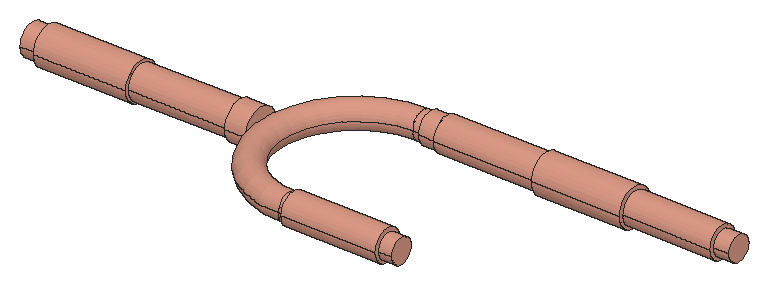
Revit family "outputfile", category 配管付属品, Revit 2024
Family settings
  丸型コネクタ寸法 = 半径を使用
  パーツ タイプ = 標準
  OmniClass 番号 = 23.65.55.00
  OmniClass タイトル = Distribution of Supplied Liquids/Gases
  作業面ベース = いいえ
  常に垂直 = はい
  ロード時にボイドで切り取り = いいえ
  共有 = いいえ
Parameters (values of type "KHRP24B33T")
  Description = ""
  製造元 = "Daikin"
  書き出し IFC クラス(タイプ) = "IfcPipeFittingType"
  定義済み IFC タイプ(タイプ) = "JUNCTION"
  Cost = 0
  Type Comments = ""
  Keynote = ""
  Type Image = (empty or 0)
  Assembly Code = ""
  switch_StraightPipe_Reducer [instance] = if(Is_StraightPipe Reducer = 1, 1 = 1, 1 = 0)  # no
  switch_StraightPipe4 [instance] = if(number_StraightPipe = 4, 1 = 1, 1 = 0)  # yes
  switch_StraightPipe1 [instance] = if(number_StraightPipe < 1, 1 = 0, 1 = 1)  # yes
  switch_Inlet pipe1 [instance] = if(number_InletPipe = 0, 1 = 0, 1 = 1)  # yes
  switch_BranchPipe1 [instance] = if(number_BranchPipe = 0, 1 = 0, 1 = 1)  # yes
  mm⇔inch [instance] = yes
  l_dividePipe2 [instance] = size_lookup(table_Inlet, "L_devidePipe2", 47.7 mm, モデル)  # 47.67 mm
  l_dividePipe0 = 5.53 mm
  l_StraightPipe4 [instance] = size_lookup(table_StraightPipe, "L_Pipe4", 7.7 mm, モデル)  # 7.7 mm
  l_InletPipe00 = 9.86 mm
  l_BranchPipe_Straight2 [instance] = size_lookup(table_BranchPipe, "L_offsetPipe2", 2.0 mm, モデル)  # 2.0 mm
  l_BranchPipe_Straight1 [instance] = size_lookup(table_BranchPipe, "L_offsetPipe1", 2.0 mm, モデル)  # 2.0 mm
  URL = ""
  I.D_StraightPipe4 [instance] = size_lookup(table_StraightPipe, "I.D_PipeSize4", 9.5 mm, モデル)  # 9.5 mm
  +++I.D_InletPipe000 [instance] = I.D_OutletPipe + 2.0 mm  # 12.7 mm
  I.D_InletPipe00 = 16.0 mm
  既定の高さ = 0.0 mm
  モデル = "KHRP24B33T"
  table_StraightPipe [instance] = if(mm⇔inch, "Refnet Joint_KHRP24B-T_HPLPGas_StraightPipe", "Refnet Joint_KHRP24B-T_HPLPGas_StraightPipe_inch")  # "Refnet Joint_KHRP24B-T_HPLPGas_StraightPipe"
  table_BranchPipe [instance] = if(mm⇔inch, "Refnet Joint_KHRP24B-T_HPLPGas_BranchPipe", "Refnet Joint_KHRP24B-T_HPLPGas_BranchPipe_inch")  # "Refnet Joint_KHRP24B-T_HPLPGas_BranchPipe"
  table_Inlet [instance] = if(mm⇔inch, "Refnet Joint_KHRP24B-T_HPLPGas_Inlet", "Refnet Joint_KHRP24B-T_HPLPGas_Inlet_inch")  # "Refnet Joint_KHRP24B-T_HPLPGas_Inlet"
  switch_StraightPipe3 [instance] = if(number_StraightPipe < 3, 1 = 0, 1 = 1)  # yes
  switch_StraightPipe2 [instance] = if(number_StraightPipe < 2, 1 = 0, 1 = 1)  # yes
  switch_BranchPipe_Reducer [instance] = if(Is_BranchPipe Reducer = 1, 1 = 1, 1 = 0)  # no
  switch_BranchPipe3 [instance] = if(number_BranchPipe = 3, 1 = 1, 1 = 0)  # no
  switch_BranchPipe2 [instance] = if(number_BranchPipe < 2, 1 = 0, 1 = 1)  # yes
  switch_Inlet pipe_Reducer [instance] = if(Is_Inlet Reducer = 1, 1 = 1, 1 = 0)  # no
  switch_Inlet pipe3 [instance] = if(number_InletPipe = 3, 1 = 1, 1 = 0)  # no
  switch_Inlet pipe2 [instance] = if(number_InletPipe < 2, 1 = 0, 1 = 1)  # yes
  Uniclass2015Version = "Products v1.31"
  Uniclass2015Title = "Copper pipe fittings"
  Uniclass2015Code = "Pr_65_52_63_18"
  StraightPipe_HP/LP Gas_ActualDiameter [instance] = 9.5 mm
  Material_Piping = DAIKIN_Copper_Pipe
  Material_Insulation = DAIKIN_White_Insulation
  lw_Insulation [instance] = size_lookup(table_Inlet, "lw_Insulation", 57.0 mm, モデル)  # 56.97 mm
  Unit Type = "KHRP24B-T_HPLPGas"
  Tag No. [instance] = ""
  StraightPipe_HP/LP Gas_Status [instance] = size_lookup(table_StraightPipe, "Information", "The connected pipe size is not available.", モデル, [StraightPipe_HP/LP Gas_ActualDiameter])  # "Default connector size is used."
  Link_Nested Family [instance] = ""
  Inlet_HP/LP Gas_Actual Diameter [instance] = 12.7 mm
  IfcVersion = ""
  IfcExportType = "JUNCTION"
  IfcExportAs = "IfcPipeFittingType"
  BranchPipe_HP/LP Gas_Status [instance] = size_lookup(table_BranchPipe, "Information", "The connected pipe size is not available.", モデル, [BranchPipe_HP/LP Gas_ActualDiameter])  # "Default connector size is used."
  Inlet_HP/LP Gas_Status [instance] = size_lookup(table_Inlet, "Information", "The connected pipe size is not available.", モデル, [Inlet_HP/LP Gas_Actual Diameter])  # "Default connector size is used."
  Series = "Refnet Joint"
  r_StraightPipe_Connector [instance] = [StraightPipe_HP/LP Gas_ActualDiameter] / 2  # 4.75 mm
  r_BranchPipe_Connector [instance] = [BranchPipe_HP/LP Gas_ActualDiameter] / 2  # 4.75 mm
  r_Inlet_Connector [instance] = [Inlet_HP/LP Gas_Actual Diameter] / 2  # 6.35 mm
  number_StraightPipe [instance] = size_lookup(table_StraightPipe, "pipeNumber", 3, モデル, [StraightPipe_HP/LP Gas_ActualDiameter])  # 4
  number_BranchPipe [instance] = size_lookup(table_BranchPipe, "pipeNumber", 2, モデル, [BranchPipe_HP/LP Gas_ActualDiameter])  # 2
  number_InletPipe [instance] = size_lookup(table_Inlet, "pipeNumber", 2, モデル, [Inlet_HP/LP Gas_Actual Diameter])  # 2
  l_BranchPipe connector [instance] = size_lookup(table_BranchPipe, "Length", 51.5 mm, モデル, [BranchPipe_HP/LP Gas_ActualDiameter])  # 51.46 mm
  l_inlet connector [instance] = size_lookup(table_Inlet, "Length", 108.9 mm, モデル, [Inlet_HP/LP Gas_Actual Diameter])  # 108.87 mm
  l_dividePipe1 [instance] = size_lookup(table_Inlet, "L_devidePipe1", 49.1 mm, モデル)  # 49.13 mm
  l_StraightPipeReducer [instance] = size_lookup(table_StraightPipe, "L_Reducer", 2.0 mm, モデル, [StraightPipe_HP/LP Gas_ActualDiameter])  # 2.0 mm
  l_StraightPipe3 [instance] = size_lookup(table_StraightPipe, "L_Pipe3", 7.7 mm, モデル)  # 42.0 mm
  l_StraightPipe2 [instance] = size_lookup(table_StraightPipe, "L_Pipe2", 42.0 mm, モデル)  # 42.0 mm
  l_StraightPipe1 [instance] = size_lookup(table_StraightPipe, "L_Pipe1", 42.0 mm, モデル)  # 47.6 mm
  l_StraightPipe0 [instance] = size_lookup(table_StraightPipe, "L_Pipe0", 47.6 mm, モデル)  # 7.7 mm
  l_StraightPipe connector [instance] = size_lookup(table_StraightPipe, "Length", 147.0 mm, モデル, [StraightPipe_HP/LP Gas_ActualDiameter])  # 147.0 mm
  l_BranchPipe Reducer [instance] = size_lookup(table_BranchPipe, "L_Reducer", 2.0 mm, モデル, [BranchPipe_HP/LP Gas_ActualDiameter])  # 2.0 mm
  l_BranchPipe3 [instance] = size_lookup(table_BranchPipe, "L_Pipe3", 2.0 mm, モデル)  # 2.0 mm
  l_BranchPipe2 [instance] = size_lookup(table_BranchPipe, "L_Pipe2", 6.6 mm, モデル)  # 6.58 mm
  l_BranchPipe1 [instance] = size_lookup(table_BranchPipe, "L_Pipe1", 44.9 mm, モデル)  # 44.88 mm
  l_BranchPipe0 [instance] = size_lookup(table_BranchPipe, "L_Pipe0", 2.0 mm, モデル)  # 2.0 mm
  l_InletReducer [instance] = size_lookup(table_Inlet, "L_Reducer", 2.0 mm, モデル, [Inlet_HP/LP Gas_Actual Diameter])  # 2.0 mm
  l_InletPipe3 [instance] = size_lookup(table_Inlet, "L_Pipe3", 2.0 mm, モデル)  # 2.0 mm
  l_InletPipe2 [instance] = size_lookup(table_Inlet, "L_Pipe2", 7.7 mm, モデル)  # 7.67 mm
  l_InletPipe1 [instance] = size_lookup(table_Inlet, "L_Pipe1", 44.0 mm, モデル)  # 44.04 mm
  l_InletPipe0 [instance] = size_lookup(table_Inlet, "L_Pipe0", 47.3 mm, モデル)  # 47.3 mm
  center_StraightPipe [instance] = size_lookup(table_StraightPipe, "center_Pipe", 40.0 mm, モデル)  # 40.0 mm
  center_BranchPipe [instance] = size_lookup(table_BranchPipe, "center_OffsetPipe", 40.0 mm, モデル)  # 40.0 mm
  StraightPipe_HP/LP Gas_AvailableDiameter [instance] = size_lookup(table_StraightPipe, "sizeVariation", "", モデル)  # "9.5/12.7/15.9mm"
  BranchPipe_HP/LP Gas_AvailableDiameter [instance] = size_lookup(table_BranchPipe, "sizeVariation", "", モデル)  # "9.5/12.7mm"
  Inlet_HP/LP Gas_Available Diameter [instance] = size_lookup(table_Inlet, "sizeVariation", "", モデル)  # "9.5/12.7/15.9mm"
  O.D_StraightPipe Reducer [instance] = size_lookup(table_StraightPipe, "O.D_reducer", 2.0 mm, モデル, [StraightPipe_HP/LP Gas_ActualDiameter])  # 2.0 mm
  O.D_Offset Outlet Reducer [instance] = size_lookup(table_BranchPipe, "O.D_reducer", 2.0 mm, モデル, [BranchPipe_HP/LP Gas_ActualDiameter])  # 2.0 mm
  O.D_Inlet Reducer [instance] = size_lookup(table_Inlet, "O.D_reducer", 2.0 mm, モデル, [Inlet_HP/LP Gas_Actual Diameter])  # 2.0 mm
  Is_StraightPipe Reducer [instance] = size_lookup(table_StraightPipe, "IsReducer", 0, モデル, [StraightPipe_HP/LP Gas_ActualDiameter])  # 0
  Is_BranchPipe Reducer [instance] = size_lookup(table_BranchPipe, "IsReducer", 0, モデル, [BranchPipe_HP/LP Gas_ActualDiameter])  # 0
  Is_Inlet Reducer [instance] = size_lookup(table_Inlet, "IsReducer", 0, モデル, [Inlet_HP/LP Gas_Actual Diameter])  # 0
  BranchPipe_HP/LP Gas_ActualDiameter [instance] = 9.5 mm
  Attach_Insulation [instance] = no
  I.D_StraightPipe3 [instance] = size_lookup(table_StraightPipe, "I.D_PipeSize3", 9.5 mm, モデル)  # 12.7 mm
  I.D_StraightPipe2 [instance] = size_lookup(table_StraightPipe, "I.D_PipeSize2", 12.7 mm, モデル)  # 15.9 mm
  I.D_StraightPipe1 [instance] = size_lookup(table_StraightPipe, "I.D_PipeSize1", 15.9 mm, モデル)  # 13.9 mm
  I.D_StraightPipe0 [instance] = size_lookup(table_StraightPipe, "I.D_PipeSize0", 13.9 mm, モデル)  # 12.4 mm
  I.D_BranchPipe3 [instance] = size_lookup(table_BranchPipe, "I.D_PipeSize3", 2.0 mm, モデル)  # 2.0 mm
  I.D_BranchPipe2 [instance] = size_lookup(table_BranchPipe, "I.D_PipeSize2", 9.5 mm, モデル)  # 9.5 mm
  I.D_BranchPipe1 [instance] = size_lookup(table_BranchPipe, "I.D_PipeSize1", 12.7 mm, モデル)  # 12.7 mm
  I.D_BranchPipe0 [instance] = size_lookup(table_BranchPipe, "I.D_PipeSize0", 2.0 mm, モデル)  # 2.0 mm
  I.D_Straight Reducer [instance] = size_lookup(table_StraightPipe, "I.D_reducer", 2.0 mm, モデル, [StraightPipe_HP/LP Gas_ActualDiameter])  # 2.0 mm
  I.D_OutletPipe [instance] = size_lookup(table_Inlet, "I.D_OutletPipeSize", 10.7 mm, モデル, [Inlet_HP/LP Gas_Actual Diameter])  # 10.7 mm
  I.D_Branch Reducer [instance] = size_lookup(table_BranchPipe, "I.D_reducer", 2.0 mm, モデル, [BranchPipe_HP/LP Gas_ActualDiameter])  # 2.0 mm
  I.D_Inlet Reducer [instance] = size_lookup(table_Inlet, "I.D_reducer", 2.0 mm, モデル, [Inlet_HP/LP Gas_Actual Diameter])  # 2.0 mm
  I.D_InletPipe3 [instance] = size_lookup(table_Inlet, "I.D_PipeSize3", 2.0 mm, モデル)  # 2.0 mm
  I.D_InletPipe2 [instance] = size_lookup(table_Inlet, "I.D_PipeSize2", 12.7 mm, モデル)  # 12.7 mm
  I.D_InletPipe1 [instance] = size_lookup(table_Inlet, "I.D_PipeSize1", 15.9 mm, モデル)  # 15.9 mm
  I.D_InletPipe0 [instance] = size_lookup(table_Inlet, "I.D_PipeSize0", 13.9 mm, モデル)  # 13.88 mm
Reference planes
  plane 1 "Center (Front/Back)": y = 0
  plane 2: z = 0
  plane 3 "base_left": x = 0
  plane 4: x = 7.67
  plane 5: x = 51.71
  plane 6: x = 99.01
  plane 7: x = 108.87
  plane 8 "l_dividePipe1": x = 158
  plane 9: x = 165.7
  plane 10 "center_straight outlet": y = 40
  plane 11 "center2_offset outlet": y = -40
  plane 12: x = 213.3
  plane 13: x = 255.3
  plane 14: x = 297.3
  plane 15: x = 201.42
  plane 16: x = 208
  plane 17: x = 305
  plane 18: x = 210
  plane 19 "Reducer_straightoutlet": x = 208
  plane 20 "connector": x = 305
  plane 21 "Inlet_connector": x = 0
  plane 22 "Left_Insulation": x = 51.9
  plane 23: x = 114.4
  plane 24 "l_dividePipe2": x = 156.54
  plane 25: x = 154.4
Forms (mm)
  Sweep 1, solid, material "DAIKIN_Copper_Pipe" <- "Material_Piping"
    path origin (0, 0, 0) x (1, 0, 0) y (0, 1, 0)
      loop
        line (156.54, -40) -> (154.4, -40)
        arc (154.4, -40) -> (114.4, 0) -> (154.4, 40) r 40
        line (154.4, 40) -> (158, 40)
    profile origin (156.2, 40, 0) x (0, 1, 0) y (0, 0, 1)
      loop
        circle (0, 0) r 6.35
Dimensions and locks
  "l_InletPipe2": plane 3 "base_left" to plane 4
  "l_InletPipe1": plane 4 to plane 5
  "l_InletPipe0": plane 5 to plane 6
  "l_InletPipe00": plane 6 to plane 7
  "center_StraightPipe": plane 1 "Center (Front/Back)" to plane 10 "center_straight outlet"
  "center_BranchPipe": plane 11 "center2_offset outlet" to plane 1 "Center (Front/Back)"
  "l_dividePipe1": plane 7 to plane 8 "l_dividePipe1"
  "l_StraightPipe0": plane 8 "l_dividePipe1" to plane 9
  "l_StraightPipe1": plane 9 to plane 12
  "l_BranchPipe2": plane 15 to plane 16
  "l_StraightPipe3": plane 13 to plane 14
  "l_StraightPipe4": plane 14 to plane 17
  "l_BranchPipe3": plane 16 to plane 18
  "l_BranchPipe connector": plane 24 "l_dividePipe2" to plane 19 "Reducer_straightoutlet"
  "l_StraightPipe connector": plane 8 "l_dividePipe1" to plane 20 "connector"
  "l_inlet connector": plane 21 "Inlet_connector" to plane 7
  "lw_Insulation": plane 22 "Left_Insulation" to plane 7
  "l_dividePipe0": plane 7 to plane 23
  "l_dividePipe2": plane 7 to plane 24 "l_dividePipe2"
  "l_BranchPipe1": plane 24 "l_dividePipe2" to plane 15
  "center_StraightPipe": plane 23 to plane 25
  "l_StraightPipe2": plane 12 to plane 13
  "center_StraightPipe": radius of Sweep 1 sketch curve
  "+++I.D_InletPipe000": diameter of Sweep 1 sketch curve
  aligned and locked: level to plane 2
  aligned and locked: plane 7 to nested 1
  aligned and locked: plane 1 "Center (Front/Back)" to nested 1
  aligned and locked: plane 10 "center_straight outlet" to nested 2
  aligned and locked: nested 2 to plane 8 "l_dividePipe1"
  aligned and locked: plane 11 "center2_offset outlet" to nested 3
  aligned and locked: nested 4 to plane 1 "Center (Front/Back)"
  aligned and locked: nested 5 to plane 11 "center2_offset outlet"
  aligned and locked: plane 20 "connector" to nested 6
  aligned and locked: nested 6 to plane 10 "center_straight outlet"
  aligned and locked: nested 4 to plane 21 "Inlet_connector"
  aligned and locked: plane 19 "Reducer_straightoutlet" to nested 5
  aligned and locked: plane 1 "Center (Front/Back)" to nested 7
  aligned and locked: plane 22 "Left_Insulation" to nested 7
  aligned and locked: plane 1 "Center (Front/Back)" to Sweep 1 sketch curve
  aligned and locked: plane 8 "l_dividePipe1" to Sweep 1 sketch curve
  aligned and locked: plane 25 to Sweep 1 sketch curve
  aligned and locked: plane 24 "l_dividePipe2" to nested 3
  aligned and locked: plane 24 "l_dividePipe2" to Sweep 1 sketch curve
  aligned and locked: nested 9 to plane 7
  aligned and locked: plane 1 "Center (Front/Back)" to nested 9
  aligned and locked: nested 9 to plane 6
  aligned and locked: plane 2 to nested 9
  aligned and locked: plane 1 "Center (Front/Back)" to nested 11
  aligned and locked: plane 5 to nested 11
  aligned and locked: nested 11 to plane 6
  aligned and locked: plane 1 "Center (Front/Back)" to nested 12
  aligned and locked: plane 5 to nested 12
  aligned and locked: plane 4 to nested 12
  aligned and locked: plane 1 "Center (Front/Back)" to nested 13
  aligned and locked: plane 4 to nested 13
  aligned and locked: plane 3 "base_left" to nested 13
  aligned and locked: plane 24 "l_dividePipe2" to nested 10
  aligned and locked: plane 15 to nested 10
  aligned and locked: nested 10 to plane 11 "center2_offset outlet"
  aligned and locked: nested 14 to plane 11 "center2_offset outlet"
  aligned and locked: plane 15 to nested 14
  aligned and locked: plane 16 to nested 14
  aligned and locked: nested 15 to plane 11 "center2_offset outlet"
  aligned and locked: plane 16 to nested 15
  aligned and locked: plane 18 to nested 15
  aligned and locked: nested 8 to plane 8 "l_dividePipe1"
  aligned and locked: nested 8 to plane 9
  aligned and locked: nested 8 to plane 10 "center_straight outlet"
  aligned and locked: nested 16 to plane 9
  aligned and locked: plane 12 to nested 16
  aligned and locked: nested 17 to plane 10 "center_straight outlet"
  aligned and locked: plane 12 to nested 17
  aligned and locked: plane 13 to nested 17
  aligned and locked: nested 16 to plane 10 "center_straight outlet"
  aligned and locked: plane 13 to nested 18
  aligned and locked: nested 18 to plane 10 "center_straight outlet"
  aligned and locked: plane 14 to nested 18
  aligned and locked: nested 19 to plane 10 "center_straight outlet"
  aligned and locked: plane 14 to nested 19
  aligned and locked: plane 17 to nested 19
Automatic sketch dimensions
  Sweep 1 sketch curve to level = 0.0 mm
  Sweep 1 sketch curve to profile plane = 0.0 mm
Nested families
  nested 1: "daikin_connector_rotate2" at (108.87, 0, 0) x (0, -1, 0) z (0, 0, 1), length <- "l_inlet connector", type "daikin_connector_rotate2"
    with radius 5.0 mm, length 108.87 mm, angle_vertical 90.00°, show_face no, locaton_mark no
  nested 2: "daikin_connector_rotate2" at (158, 40, 0) x (0, 1, 0) z (0, 0, 1), length <- "l_StraightPipe connector", type "daikin_connector_rotate2"
    with radius 5.0 mm, length 147.0 mm, angle_vertical 90.00°, show_face no, locaton_mark no
  nested 3: "daikin_connector_rotate2" at (156.54, -40, 0) x (0, 1, 0) z (0, 0, 1), length <- "l_BranchPipe connector", type "daikin_connector_rotate2"
    with radius 5.0 mm, length 51.46 mm, angle_vertical 90.00°, show_face no, locaton_mark no
  nested 4: "daikin_Pipe_reducer" at (1, 0, 0) x (-1, 0, 0) z (0, 0, 1), display <- "switch_Inlet pipe_Reducer", length_Pipe <- "l_InletReducer", I.D_Pipe1 <- "I.D_Inlet Reducer", O.D_Pipe2 <- "O.D_Inlet Reducer", type "*"
    with length_Pipe 2.0 mm, display no, O.D_Pipe2 2.0 mm, O.D_Pipe1 4.0 mm, I.D_Pipe2 0.0 mm, I.D_Pipe1 2.0 mm
  nested 5: "daikin_Pipe_reducer" at (207, -40, 0), I.D_Pipe1 <- "I.D_Branch Reducer", O.D_Pipe2 <- "O.D_Offset Outlet Reducer", length_Pipe <- "l_BranchPipe Reducer", display <- "switch_BranchPipe_Reducer", type "*"
    with length_Pipe 2.0 mm, display no, O.D_Pipe2 2.0 mm, O.D_Pipe1 4.0 mm, I.D_Pipe2 0.0 mm, I.D_Pipe1 2.0 mm
  nested 6: "daikin_Pipe_reducer" at (304, 40, 0), I.D_Pipe1 <- "I.D_Straight Reducer", O.D_Pipe2 <- "O.D_StraightPipe Reducer", length_Pipe <- "l_StraightPipeReducer", display <- "switch_StraightPipe_Reducer", type "*"
    with length_Pipe 2.0 mm, display no, O.D_Pipe2 2.0 mm, O.D_Pipe1 4.0 mm, I.D_Pipe2 0.0 mm, I.D_Pipe1 2.0 mm
  nested 7: "daikin_Insulation_RefnetJoint" at (51.9, 0, 0), I.D_Outlet PipeSize <- "I.D_OutletPipe", type "*"
    with h 42.7 mm, I.D_Outlet PipeSize 10.7 mm, display no
  nested 8: "daikin_Pipe" at (161.85, 40, 0), I.D_Pipe <- "I.D_StraightPipe0", type "*"
    with length_Pipe 7.7 mm, display yes, O.D_Pipe 14.4 mm, I.D_Pipe 12.4 mm
  nested 9: "daikin_Pipe" at (103.94, 0, 0), I.D_Pipe <- "I.D_InletPipe00", type "*"
    with length_Pipe 9.86 mm, display yes, O.D_Pipe 18.0 mm, I.D_Pipe 16.0 mm
  nested 10: "daikin_Pipe" at (178.98, -40, 0), I.D_Pipe <- "I.D_BranchPipe1", display <- "switch_BranchPipe1", type "*"
    with length_Pipe 44.88 mm, display yes, O.D_Pipe 14.7 mm, I.D_Pipe 12.7 mm
  nested 11: "daikin_Pipe" at (75.36, 0, 0), I.D_Pipe <- "I.D_InletPipe0", type "*"
    with length_Pipe 47.3 mm, display yes, O.D_Pipe 15.88 mm, I.D_Pipe 13.88 mm
  nested 12: "daikin_Pipe" at (29.69, 0, 0), I.D_Pipe <- "I.D_InletPipe1", display <- "switch_Inlet pipe1", type "*"
    with length_Pipe 44.04 mm, display yes, O.D_Pipe 17.9 mm, I.D_Pipe 15.9 mm
  nested 13: "daikin_Pipe" at (3.835, 0, 0), I.D_Pipe <- "I.D_InletPipe2", display <- "switch_Inlet pipe2", type "*"
    with length_Pipe 7.67 mm, display yes, O.D_Pipe 14.7 mm, I.D_Pipe 12.7 mm
  nested 14: "daikin_Pipe" at (204.71, -40, 0), I.D_Pipe <- "I.D_BranchPipe2", display <- "switch_BranchPipe2", type "*"
    with length_Pipe 6.58 mm, display yes, O.D_Pipe 11.5 mm, I.D_Pipe 9.5 mm
  nested 15: "daikin_Pipe" at (209, -40, 0), I.D_Pipe <- "I.D_BranchPipe3", display <- "switch_BranchPipe3", type "*"
    with length_Pipe 2.0 mm, display no, O.D_Pipe 4.0 mm, I.D_Pipe 2.0 mm
  nested 16: "daikin_Pipe" at (189.5, 40, 0), I.D_Pipe <- "I.D_StraightPipe1", display <- "switch_StraightPipe1", type "*"
    with length_Pipe 47.6 mm, display yes, O.D_Pipe 15.9 mm, I.D_Pipe 13.9 mm
  nested 17: "daikin_Pipe" at (234.3, 40, 0), I.D_Pipe <- "I.D_StraightPipe2", display <- "switch_StraightPipe2", type "*"
    with length_Pipe 42.0 mm, display yes, O.D_Pipe 17.9 mm, I.D_Pipe 15.9 mm
  nested 18: "daikin_Pipe" at (276.3, 40, 0), I.D_Pipe <- "I.D_StraightPipe3", display <- "switch_StraightPipe3", type "*"
    with length_Pipe 42.0 mm, display yes, O.D_Pipe 14.7 mm, I.D_Pipe 12.7 mm
  nested 19: "daikin_Pipe" at (301.15, 40, 0), I.D_Pipe <- "I.D_StraightPipe4", display <- "switch_StraightPipe4", type "*"
    with length_Pipe 7.7 mm, display yes, O.D_Pipe 11.5 mm, I.D_Pipe 9.5 mm
Connectors
  piping at (0, 0, 0), diameter 12.7, driven by "r_Inlet_Connector"
    settings: on nested 1, index 1, connector inside diameter 609.6 mm, connector length 0.0 mm, flow factor 0, pipe flow 0.00 m³/h, pressure drop 0.0 Pa, fitting loss kfactor 0, connector angle 0.00°, fixture units 0, engagement length 0.0 mm, angle of deflection 0.00°, flow configuration 0, flow direction 0, fitting loss method 0, system type 29, joint type 0, gender type 0, connector reference index -1, connector utility 0, adjustable connector no, is connector primary yes, connector description "Refnet Joint_Inlet_HP/LP Gas"
  piping at (208, -40, 0), diameter 9.5, driven by "r_BranchPipe_Connector"
    settings: on nested 3, index 2, connector inside diameter 609.6 mm, connector length 0.0 mm, flow factor 0, pipe flow 0.00 m³/h, pressure drop 0.0 Pa, fitting loss kfactor 0, connector angle 0.00°, fixture units 0, engagement length 0.0 mm, angle of deflection 0.00°, flow configuration 0, flow direction 0, fitting loss method 0, system type 29, joint type 0, gender type 0, connector reference index -1, connector utility 0, adjustable connector no, is connector primary no, connector description "Refnet Joint_Outlet Branch_HP/LP Gas"
  piping at (305, 40, 0), diameter 9.5, driven by "r_StraightPipe_Connector"
    settings: on nested 2, index 3, connector inside diameter 609.6 mm, connector length 0.0 mm, flow factor 0, pipe flow 0.00 m³/h, pressure drop 0.0 Pa, fitting loss kfactor 0, connector angle 0.00°, fixture units 0, engagement length 0.0 mm, angle of deflection 0.00°, flow configuration 0, flow direction 0, fitting loss method 0, system type 29, joint type 0, gender type 0, connector reference index -1, connector utility 0, adjustable connector no, is connector primary no, connector description "Refnet Joint_Outlet Straight_HP/LP Gas"
Definition of nested family "daikin_Pipe"
  Parameters (values of type "*")
    Default Elevation = 0.0 mm
    material = none
    length_Pipe [instance] = 150.0 mm
    display [instance] = yes
    O.D_Pipe [instance] = I.D_Pipe + 2.0 mm  # 27.0 mm
    I.D_Pipe [instance] = 25.0 mm
  Reference planes
    plane 1 "Center (Front/Back)": y = 0
    plane 2 "center(vertical)": z = 0
    plane 3 "Center (Left/Right)": x = 0
    plane 4 "left": x = -75
    plane 5 "right": x = 75
  Forms (mm)
    Extrusion 1, solid, material <- "material", visible <- "display"
      sketch origin (0, 0, 0) x (0, 1, 0) y (0, 0, 1)
        loop
          circle (0, 0) r 13.5
      from -75 to 75
  Dimensions and locks
    equal spacing: plane 4 "left", plane 3 "Center (Left/Right)", plane 5 "right"
    "length_Pipe": plane 4 "left" to plane 5 "right"
    "O.D_Pipe": diameter of Extrusion 1 sketch curve
    aligned and locked: level to plane 2 "center(vertical)"
    aligned and locked: plane 2 "center(vertical)" to Extrusion 1 sketch curve
    aligned and locked: plane 1 "Center (Front/Back)" to Extrusion 1 sketch curve
    aligned and locked: plane 5 "right" to Extrusion 1
    aligned and locked: Extrusion 1 to plane 4 "left"
Definition of nested family "daikin_connector_rotate2"
  Parameters (values of type "daikin_connector_rotate2")
    show_face = yes
    radius [instance] = 10.0 mm
    locaton_mark = yes
    length [instance] = 600.0 mm
    d_surface = 10.0 mm
    angle_vertical [instance] = 90.00°
    Default Elevation = 0.0 mm
  Reference planes
    plane 1 "Center (Front/Back)": y = 0
    plane 2: z = 0
    plane 3 "Center (Left/Right)": x = 0
  Forms (mm)
    Extrusion 1, solid, visible <- "show_face"
      sketch origin (0, -600, 0) x (1, 0, 0) y (0, 0, 1)
        loop
          circle (0, 0) r 10
      from 0 to -10
  Lines and regions (mm)
    reference lines
      curve 1: line (0, 0, 0) -> (0, -600, 0)
    symbolic lines, visible <- "locaton_mark"
      curve 2: circle (0, 0, 0) r 5 normal (0, 0, 1)
    model lines, visible <- "show_face"
      curve 3: line (0, 0, 0) -> (0, -600, 0)
  Dimensions and locks
    "length": curve 1 to curve 1
    "length": curve 3 to curve 3
    "d_surface": Extrusion 1 to Extrusion 1
    "radius": radius of Extrusion 1 sketch curve
    "angle_vertical": angle curve 1 to plane 1 "Center (Front/Back)"
    "angle_vertical": angle curve 3 to plane 1 "Center (Front/Back)"
    aligned and locked: level to plane 2
    aligned and locked: plane 1 "Center (Front/Back)" to curve 1
    aligned and locked: plane 2 to curve 1
    aligned and locked: plane 1 "Center (Front/Back)" to curve 2
    aligned and locked: plane 3 "Center (Left/Right)" to curve 2
    aligned and locked: plane 1 "Center (Front/Back)" to curve 3
    aligned and locked: plane 2 to curve 3
    aligned and locked: Extrusion 1 to Extrusion 1
  Automatic sketch dimensions
    Extrusion 1 sketch curve to level = 0.0 mm
    Extrusion 1 sketch curve to plane 3 "Center (Left/Right)" = 0.0 mm
    radius of curve 2 = 5.0 mm
Definition of nested family "daikin_Pipe_reducer"
  Parameters (values of type "*")
    Default Elevation = 0.0 mm
    material = none
    length_Pipe [instance] = 250.0 mm
    display [instance] = yes
    O.D_Pipe2 [instance] = 19.1 mm
    O.D_Pipe1 [instance] = I.D_Pipe1 + 2.0 mm  # 24.2 mm
    I.D_Pipe2 [instance] = O.D_Pipe2 - 2.0 mm  # 17.1 mm
    I.D_Pipe1 [instance] = 22.2 mm
  Reference planes
    plane 1 "Center (Front/Back)": y = 0
    plane 2 "center(vertical)": z = 0
    plane 3 "Center (Left/Right)": x = 0
    plane 4 "connection": x = -125
    plane 5 "right": x = 113
    plane 6: x = 125
  Forms (mm)
    Extrusion 1, solid, material <- "material", visible <- "display"
      sketch origin (0, 0, 0) x (0, 1, 0) y (0, 0, 1)
        loop
          circle (0, 0) r 9.55
      from -125 to 113
    Extrusion 2, solid, material <- "material", visible <- "display"
      sketch origin (0, 0, 0) x (0, 1, 0) y (0, 0, 1)
        loop
          circle (0, 0) r 12.1
      from 113 to 125
  Dimensions and locks
    locked: plane 5 "right" to plane 6 at 12
    "length_Pipe": plane 4 "connection" to plane 6
    equal spacing: plane 4 "connection", plane 3 "Center (Left/Right)", plane 6
    "O.D_Pipe2": diameter of Extrusion 1 sketch curve
    "O.D_Pipe1": diameter of Extrusion 2 sketch curve
    aligned and locked: level to plane 2 "center(vertical)"
    aligned and locked: plane 2 "center(vertical)" to Extrusion 1 sketch curve
    aligned and locked: plane 1 "Center (Front/Back)" to Extrusion 1 sketch curve
    aligned and locked: plane 5 "right" to Extrusion 1
    aligned and locked: Extrusion 1 to plane 4 "connection"
    aligned and locked: plane 2 "center(vertical)" to Extrusion 2 sketch curve
    aligned and locked: plane 1 "Center (Front/Back)" to Extrusion 2 sketch curve
    aligned and locked: Extrusion 2 to plane 5 "right"
    aligned and locked: plane 6 to Extrusion 2
Definition of nested family "daikin_Insulation_RefnetJoint"
  Parameters (values of type "*")
    Default Elevation = 0.0 mm
    Model = "KHRP24B22T"
    w_Insulation3 = size_lookup(table_Insulation, "w_Insulation3", 16.0 mm, Model)  # 35.0 mm
    w_Insulation2 = size_lookup(table_Insulation, "w_Insulation2", 77.0 mm, Model)  # 75.11 mm
    w_Insulation1 = size_lookup(table_Insulation, "w_Insulation1", 28.0 mm, Model)  # 39.89 mm
    table_Insulation = "Refnet Joint_KHRP24B-T_HPLPGas_Insulation"  # constant formula
    r_Insulation = d_Insulation1 / 2  # 69.0 mm
    material = none
    h [instance] = (I.D_Outlet PipeSize + 2.0 mm) + 30.0 mm  # 47.0 mm
    display = yes
    d_Insulation3 = size_lookup(table_Insulation, "d_Insulation3", 16.0 mm, Model)  # 22.0 mm
    d_Insulation2 = size_lookup(table_Insulation, "d_Insulation2", 64.0 mm, Model)  # 58.0 mm
    d_Insulation1 = size_lookup(table_Insulation, "d_Insulation1", 144.0 mm, Model)  # 138.0 mm
    I.D_Outlet PipeSize [instance] = 15.0 mm
  Reference planes
    plane 1 "Center (Front/Back)": y = 0
    plane 2: z = 0
    plane 3 "Left": x = 0
    plane 4 "top": z = 23.5
    plane 5 "bottom": z = -23.5
    plane 6: x = 39.89
    plane 7: y = 29
    plane 8: y = -29
    plane 9: y = 69
    plane 10: y = -69
    plane 11: x = 115
    plane 12: x = 150
    plane 13: y = 11
    plane 14: y = -11
  Forms (mm)
    Extrusion 1, solid, material <- "material", visible <- "display"
      sketch origin (-2, 0, 0) x (1, 0, 0) y (0, 1, 0)
        loop
          arc (104.5, 69) -> (67.352, 58.146) -> (41.89, 29) r 69
          line (41.89, 29) -> (2, 29) -> (2, -29) -> (41.89, -29)
          arc (41.89, -29) -> (67.352, -58.146) -> (104.5, -69) r 69
          line (104.5, -69) -> (152, -69) -> (152, -11) -> (117, -11) -> (117, 11) -> (152, 11) -> (152, 69) -> (104.5, 69)
      from -23.5 to 23.5
  Dimensions and locks
    equal spacing: plane 4 "top", plane 2, plane 5 "bottom"
    "h": plane 4 "top" to plane 5 "bottom"
    "d_Insulation2": plane 7 to plane 8
    "d_Insulation1": plane 9 to plane 10
    "w_Insulation2": plane 6 to plane 11
    "w_Insulation3": plane 11 to plane 12
    "d_Insulation3": plane 13 to plane 14
    "w_Insulation1": plane 3 "Left" to plane 6
    equal spacing: plane 9, plane 1 "Center (Front/Back)", plane 10
    equal spacing: plane 7, plane 1 "Center (Front/Back)", plane 8
    equal spacing: plane 13, plane 1 "Center (Front/Back)", plane 14
    "r_Insulation": radius of Extrusion 1 sketch curve  (x2)
    aligned and locked: level to plane 2
    aligned and locked: Extrusion 1 to plane 5 "bottom"
    aligned and locked: plane 4 "top" to Extrusion 1
    aligned and locked: Extrusion 1 sketch curve to plane 10
    aligned and locked: Extrusion 1 sketch curve to plane 9
    aligned and locked: plane 7 to Extrusion 1 sketch curve
    aligned and locked: plane 8 to Extrusion 1 sketch curve
    aligned and locked: Extrusion 1 sketch curve to plane 12  (x2)
    aligned and locked: plane 13 to Extrusion 1 sketch curve
    aligned and locked: Extrusion 1 sketch curve to plane 14
    aligned and locked: Extrusion 1 sketch curve to plane 11
    aligned and locked: Extrusion 1 to plane 3 "Left"
    aligned and locked: plane 6 to Extrusion 1 sketch curve  (x2)
  Automatic sketch dimensions
    Extrusion 1 sketch curve to plane 3 "Left" = 0.0 mm
